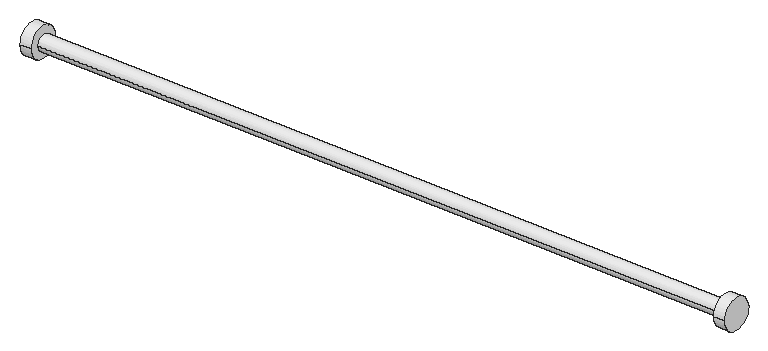
Revit family
Parameters (values of type "Parametric")
  Subcategory = "Home Decor"
  SmartBIM Object Version = 3  # constant formula
  SmartBIM Object Created By = "Reed Construction Data"  # constant formula
  Shower Rod Material = Stainless Steel
  Manufacturer = ""
  built-in parameter 1001306 [instance] = 4' - 0"
  Height [instance] = 4' - 0"
  Assembly Code = "D2010710"
  95 CSI = "10810"
  04 CSI = "10 28 13"
Reference planes (in)
  plane 1 "Center (Front/Back)": y = 0
  plane 2: z = 0
  plane 3 "Left": x = 0
  plane 4 "Right": x = 48
  plane 5 "Height Centerline": z = 48
Forms (in)
  Extrusion 1, solid, material "Stainless Steel" <- "Shower Rod Material"
    sketch origin (0, 0, 0) x (0, 1, 0) y (0, 0, 1)
      loop
        circle (0, 48) r 0.5
    from 0.75 to 47.25
  Extrusion 2, solid, material "Stainless Steel" <- "Shower Rod Material"
    sketch origin (0, 0, 0) x (0, 1, 0) y (0, 0, -1)
      loop
        circle (0, -48) r 1
    from 0 to -0.75
  Extrusion 3, solid, material "Stainless Steel" <- "Shower Rod Material"
    sketch origin (48, 0, 0) x (0, 1, 0) y (0, 0, 1)
      loop
        circle (0, 48) r 1
    from 0 to -0.75
Lines and regions (in)
  reference lines
    curve 1: line (0, 0, 0) -> (48, 0, 0)
Dimensions and locks (in)
  "built-in parameter 1001306": plane 3 "Left" to plane 4 "Right"
  "Height": plane 5 "Height Centerline" to plane 2
  locked: Extrusion 2 to Extrusion 2 at 0.75  (x2)
  locked: Extrusion 3 to Extrusion 3 at 0.75
  locked: plane 4 "Right" to Extrusion 3 at 0.75
  aligned and locked: plane 4 "Right" to curve 1
  aligned and locked: plane 1 "Center (Front/Back)" to curve 1
  aligned and locked: plane 3 "Left" to curve 1
  aligned and locked: Extrusion 2 to plane 3 "Left"
  aligned and locked: Extrusion 1 to Extrusion 2
  aligned and locked: Extrusion 1 to Extrusion 3
Automatic sketch dimensions
  Extrusion 1 sketch curve to plane 1 "Center (Front/Back)" = 0' - 0"
  Extrusion 1 sketch curve to plane 5 "Height Centerline" = 0' - 0"
  Extrusion 2 sketch curve to plane 1 "Center (Front/Back)" = 0' - 0"
  Extrusion 2 sketch curve to plane 5 "Height Centerline" = 0' - 0"
  Extrusion 3 sketch curve to plane 1 "Center (Front/Back)" = 0' - 0"
  Extrusion 3 sketch curve to plane 5 "Height Centerline" = 0' - 0"
  radius of Extrusion 1 sketch curve = 0' - 0 1/2"
  radius of Extrusion 2 sketch curve = 0' - 1"
  radius of Extrusion 3 sketch curve = 0' - 1"
